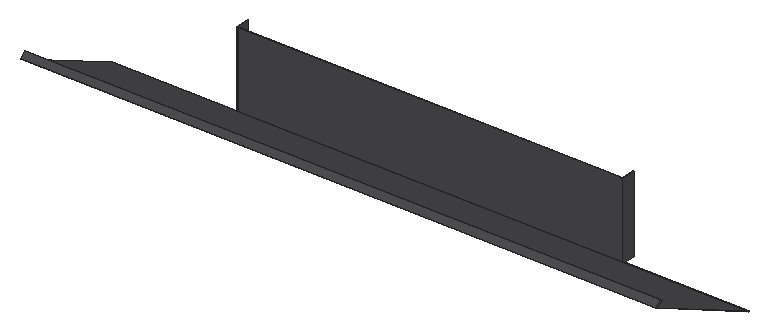
Revit family "BIMLIB_ПланкаПримыканиеВерхнееКТрубеФальц_GRANDLINE", category Обобщенные модели, Revit 2017
Family settings
  Может служить основой для арматурных стержней = Нет
  Размер круглого соединителя = Использовать диаметр
  Тип детали = Нормальный
  При загрузке вырезать с полостями = Нет
  Общий = Нет
  Точка расчета площади = Нет
Parameters (values of type "Планка примыкание верхнее к трубе фальц")
  Труба_Ширина [instance] = 700 mm
  Смещение = 0 mm
  Описание = ADSK_Наименование  # "Планка примыкание верхнее к трубе фальц"
  Изготовитель = [ADSK_Завод-изготовитель]  # "Grand Line"
  built-in parameter 1001306 [instance] = 1251.077 mm
  Watermark [instance] = "Модели защищены уникальным кодом"
  URL = "https://www.grandline.ru"
  BL_Разработано = "support@bimlib.pro"
  BL_Email = "info@grandline.ru"
  BL_BIM library = "https://bimlib.pro/manufacturer/company/22430"
  ADSK_Размер_Длина [instance] = [built-in parameter 1001306]  # 1251.077 mm
  ADSK_Обозначение = "ГОСТ 19904-90, ГОСТ 14918-80"
  ADSK_Наименование = "Планка примыкание верхнее к трубе фальц"
  ADSK_Материал тип подсчета = 1  # constant formula
  ADSK_Материал = GL_Сталь_RAL9005
  ADSK_Масса_Текст [instance] = ""
  ADSK_Масса [instance] = 0
  ADSK_Марка = ""
  ADSK_Количество [instance] = if(ADSK_Материал тип подсчета = 0, 1, if(ADSK_Материал тип подсчета = 1, ADSK_Размер_Длина / 1000 mm, 0))  # 1.2511
  ADSK_Код изделия = "М.15.025.006"  # constant formula
  ADSK_Завод-изготовитель = "Grand Line"  # constant formula
  ADSK_Единица измерения = "м"  # constant formula
  ADSK_Группирование = "Доборные элементы"  # constant formula
  ADSK_Версия Revit = "2017"  # constant formula
  ADSK_URL страницы изделия = ""
  ADSK_URL документации изделия = ""
Reference planes
  plane 1 "По центру (Вперед/Назад)": y = 0
  plane 2: z = 0
  plane 3 "Слева": x = 0
  plane 4 "Справа": x = 1251.077
  plane 5: x = 625.539
  plane 6: x = 275.539
  plane 7: x = 975.539
  plane 8: x = 245.539
  plane 9: x = 1005.539
  plane 10: y = 25
Forms (mm)
  Sweep 1, solid, material "GL_Сталь_RAL9005" <- "ADSK_Материал"
    path in 3D
      loop
        line (0, 0, 0) -> (1251.077, 0, 0)
    profile "Профиль_ПланкаПримыканиеКТрубе : Профиль_ПланкаПримыканиеКТрубе" origin (625.539, 0, 0) x (0, 1, 0) y (0, 0, 1)
      loop
        line (0, 150) -> (-0.8, 150) -> (-0.8, 1.256) -> (-224.983, 105.794) -> (-213.715, 113.684) -> (-214.29, 114.258) -> (-226.577, 105.655) -> (0, 0) -> (0, 150)
  Extrusion 2, void
    sketch origin (0, 0, 0) x (1, 0, 0) y (0, 1, 0)
      loop
        line (1005.539, 25) -> (1005.539, -1) -> (1251.077, -1) -> (1251.077, 25) -> (1005.539, 25)
    from 2 to 250
  Extrusion 3, void
    sketch origin (0, 0, 0) x (1, 0, 0) y (0, 1, 0)
      loop
        line (245.539, 25) -> (0, 25) -> (0, -1) -> (245.539, -1) -> (245.539, 25)
    from 0 to 250
  Extrusion 4, solid, material "GL_Сталь_RAL9005" <- "ADSK_Материал"
    sketch origin (0, 0, 0) x (1, 0, 0) y (0, 1, 0)
      loop
        line (245.539, 0) -> (246.339, 0) -> (246.339, 25) -> (245.539, 25) -> (245.539, 0)
    from 0 to 150
  Extrusion 5, solid, material "GL_Сталь_RAL9005" <- "ADSK_Материал"
    sketch origin (1251.077, 0, 0) x (-1, 0, 0) y (0, -1, 0)
      loop
        line (245.539, 0) -> (245.539, -25) -> (246.339, -25) -> (246.339, 0) -> (245.539, 0)
    from 0 to 150
Cuts and joins
  Extrusion 2, Extrusion 3 cuts Sweep 1
  joined: Sweep 1, Extrusion 4, Extrusion 5
Lines and regions (mm)
  reference lines
    curve 1: line (0, 0, 0) -> (1251.077, 0, 0)
  sketch lines
    curve 2: line (0, 0, 0) -> (1251.077, 0, 0)
Dimensions and locks
  "built-in parameter 1001306": plane 3 "Слева" to plane 4 "Справа"
  equal spacing: plane 3 "Слева", plane 5, plane 4 "Справа"
  equal spacing: plane 6, plane 5, plane 7
  "Труба_Ширина": plane 6 to plane 7
  plane 8 to plane 6 = 30 mm
  plane 7 to plane 9 = 30 mm
  locked: plane 10 to Extrusion 2 sketch curve at 26
  plane 1 "По центру (Вперед/Назад)" to plane 10 = 25 mm
  locked: Extrusion 2 to plane 2 at 2
  locked: Extrusion 3 sketch curve to Extrusion 3 sketch curve at 26
  plane 8 to Extrusion 4 sketch curve = 0.8 mm
  locked: Extrusion 5 sketch curve to plane 9 at 0.8
  aligned and locked: plane 4 "Справа" to curve 1
  aligned and locked: plane 1 "По центру (Вперед/Назад)" to curve 1
  aligned and locked: plane 3 "Слева" to curve 1
  aligned and locked: level to plane 2
  aligned and locked: Extrusion 2 sketch curve to plane 10
  aligned and locked: Extrusion 2 sketch curve to plane 9
  aligned and locked: plane 4 "Справа" to Extrusion 2 sketch curve
  aligned and locked: plane 10 to Extrusion 3 sketch curve
  aligned and locked: plane 8 to Extrusion 3 sketch curve
  aligned and locked: Extrusion 3 sketch curve to plane 3 "Слева"
  aligned and locked: plane 1 "По центру (Вперед/Назад)" to Extrusion 4 sketch curve
  aligned and locked: plane 10 to Extrusion 4 sketch curve
  aligned and locked: Extrusion 4 sketch curve to plane 8
  aligned and locked: cut or joined group of Sweep 1, Extrusion 2, Extrusion 3, Extrusion 4, Extrusion 5 to Extrusion 4
  aligned and locked: Extrusion 5 sketch curve to plane 9
  aligned and locked: Extrusion 5 sketch curve to plane 10
  aligned and locked: Extrusion 5 sketch curve to plane 1 "По центру (Вперед/Назад)"
